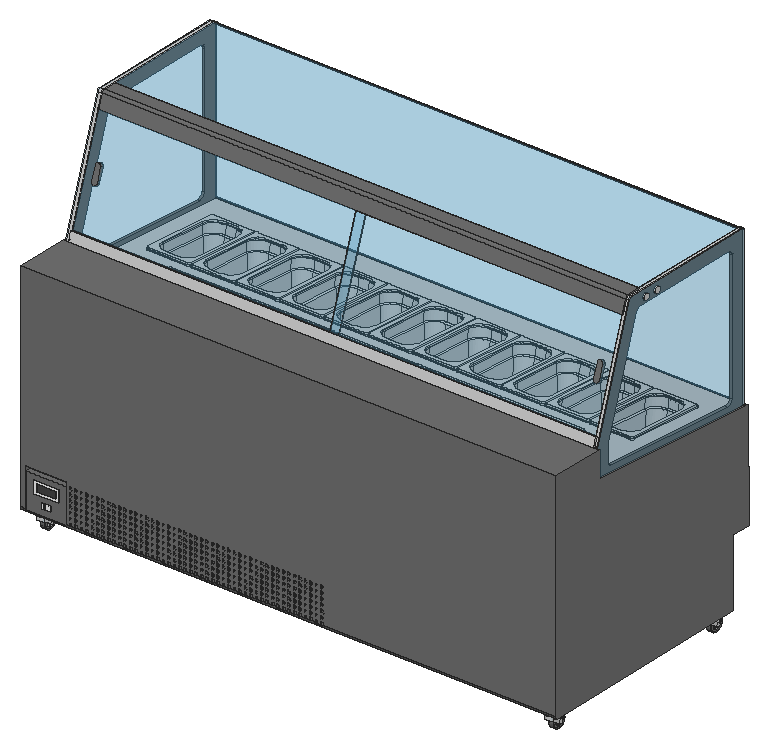
Revit family "QF_BLIZZARD_LUXE15_250923021827", category Specialty Equipment, Revit 2021 (continued)
Definition of nested family "QF_BLIZZARD_SUNDAE15_2920"
  Forms (mm)
    Extrusion 98, solid
      sketch origin (1478, -314.497, 607.195) x (1, 0, 0) y (0, 0.996764, -0.080384)
        loop
          line (262, -318) -> (262, -174)
          arc (262, -174) -> (260.243, -169.757) -> (256, -168) r 6
          line (256, -168) -> (-31, -168)
          arc (-31, -168) -> (-35.243, -169.757) -> (-37, -174) r 6
          line (-37, -174) -> (-37, -318)
        loop
          arc (-25.015, -264.5) -> (-10.957, -298.441) -> (22.985, -312.5) r 48
          line (22.985, -312.5) -> (202.015, -312.5)
          arc (202.015, -312.5) -> (235.957, -298.441) -> (250.015, -264.5) r 48
          line (250.015, -264.5) -> (250.015, -227.5)
          arc (250.015, -227.5) -> (235.957, -193.559) -> (202.015, -179.5) r 48
          line (202.015, -179.5) -> (22.985, -179.5)
          arc (22.985, -179.5) -> (-10.957, -193.559) -> (-25.015, -227.5) r 48
          line (-25.015, -227.5) -> (-25.015, -264.5)
      from 140 to 145
    Extrusion 99, solid
      sketch origin (1898, -314.898, 602.211) x (1, 0, 0) y (0, 0.996764, -0.080384)
        loop
          arc (-397.015, -202.911) -> (-414.402, -210.113) -> (-421.604, -227.5) r 24.589
          line (-421.604, -227.5) -> (-421.604, -264.5)
          arc (-421.604, -264.5) -> (-414.402, -281.887) -> (-397.015, -289.089) r 24.589
          line (-397.015, -289.089) -> (-217.8, -289.089)
          arc (-217.8, -289.089) -> (-200.544, -281.941) -> (-193.396, -264.685) r 24.404
          line (-193.396, -264.685) -> (-193.396, -227.315)
          arc (-193.396, -227.315) -> (-200.544, -210.059) -> (-217.8, -202.911) r 24.404
          line (-217.8, -202.911) -> (-397.015, -202.911)
      from 0 to 2
    Extrusion 100, solid
      sketch origin (890, -901, -7) x (0, -1, 0) y (0, 0, -1)
        loop
          line (-887, -726.403) -> (-887, -728.41) -> (-222, -782.039) -> (-222, -780.032) -> (-887, -726.403)
      from -870 to 1050
    Extrusion 101, void
      sketch origin (947.074, -878.839, 1.994) x (0, -1, 0) y (0, 0, 1)
        loop
          line (-401.082, 788.92) -> (-395.777, 723.133) -> (-390.644, 718.767) -> (-378.909, 631.092)
          arc (-378.909, 631.092) -> (-373.104, 620.491) -> (-361.686, 616.529) r 16.802
          line (-361.686, 616.529) -> (-275.788, 623.456)
          arc (-275.788, 623.456) -> (-265.152, 629.197) -> (-261.121, 640.591) r 16.802
          line (-261.121, 640.591) -> (-263.587, 729.013) -> (-259.22, 734.146) -> (-264.526, 799.932) -> (-401.082, 788.92)
      from -792.926 to 726.074
    Sweep 102, solid
      path origin (734, -390, 608.268) x (0, 0.996764, -0.080384) y (-1, 0, 0)
        loop
          line (22.985, -289.089) -> (202.015, -289.089)
          arc (202.015, -289.089) -> (219.402, -281.887) -> (226.604, -264.5) r 24.589
          line (226.604, -264.5) -> (226.604, -227.5)
          arc (226.604, -227.5) -> (219.402, -210.113) -> (202.015, -202.911) r 24.589
          line (202.015, -202.911) -> (22.985, -202.911)
          arc (22.985, -202.911) -> (5.598, -210.113) -> (-1.604, -227.5) r 24.589
          line (-1.604, -227.5) -> (-1.604, -264.5)
          arc (-1.604, -264.5) -> (5.598, -281.887) -> (22.985, -289.089) r 24.589
      profile origin (1023.089, -277.864, 599.225) x (-1, 0, 0) y (0, 0.080384, 0.996764)
        loop
          arc (0, 2) -> (-9.637, 5.845) -> (-13.981, 15.267) r 14
          line (-13.981, 15.267) -> (-18.689, 105.106) -> (-23.411, 109.828) -> (-23.411, 143) -> (-25.411, 143) -> (-25.411, 109) -> (-20.646, 104.235) -> (-15.978, 15.163)
          arc (-15.978, 15.163) -> (-11.014, 4.394) -> (0, 0) r 16
          line (0, 0) -> (0, 2)
    Extrusion 103, solid
      sketch origin (734, -389.598, 613.252) x (0, 0.996764, -0.080384) y (-1, 0, 0)
        loop
          line (-40, -174) -> (-40, -318)
          arc (-40, -318) -> (-37.364, -324.364) -> (-31, -327) r 9
          line (-31, -327) -> (256, -327)
          arc (256, -327) -> (262.364, -324.364) -> (265, -318) r 9
          line (265, -318) -> (265, -174)
          arc (265, -174) -> (262.364, -167.636) -> (256, -165) r 9
          line (256, -165) -> (-31, -165)
          arc (-31, -165) -> (-37.364, -167.636) -> (-40, -174) r 9
        loop
          arc (-25.015, -264.5) -> (-10.957, -298.441) -> (22.985, -312.5) r 48
          line (22.985, -312.5) -> (202.2, -312.5)
          arc (202.2, -312.5) -> (236.011, -298.495) -> (250.015, -264.685) r 47.815
          line (250.015, -264.685) -> (250.015, -227.5)
          arc (250.015, -227.5) -> (235.957, -193.559) -> (202.015, -179.5) r 48
          line (202.015, -179.5) -> (22.985, -179.5)
          arc (22.985, -179.5) -> (-10.957, -193.559) -> (-25.015, -227.5) r 48
          line (-25.015, -227.5) -> (-25.015, -264.5)
      from 138 to 140
    Extrusion 104, solid
      sketch origin (734, -389.598, 613.252) x (0, 0.996764, -0.080384) y (-1, 0, 0)
        loop
          arc (-37, -318) -> (-35.243, -322.243) -> (-31, -324) r 6
          line (-31, -324) -> (256, -324)
          arc (256, -324) -> (260.243, -322.243) -> (262, -318) r 6
          line (262, -318) -> (262, -174)
          arc (262, -174) -> (260.243, -169.757) -> (256, -168) r 6
          line (256, -168) -> (-31, -168)
          arc (-31, -168) -> (-35.243, -169.757) -> (-37, -174) r 6
          line (-37, -174) -> (-37, -318)
        loop
          arc (-25.015, -264.5) -> (-10.957, -298.441) -> (22.985, -312.5) r 48
          line (22.985, -312.5) -> (202.015, -312.5)
          arc (202.015, -312.5) -> (235.957, -298.441) -> (250.015, -264.5) r 48
          line (250.015, -264.5) -> (250.015, -227.5)
          arc (250.015, -227.5) -> (235.957, -193.559) -> (202.015, -179.5) r 48
          line (202.015, -179.5) -> (22.985, -179.5)
          arc (22.985, -179.5) -> (-10.957, -193.559) -> (-25.015, -227.5) r 48
          line (-25.015, -227.5) -> (-25.015, -264.5)
      from 140 to 145
    Extrusion 105, solid
      sketch origin (734, 28.641, 574.507) x (0, 0.996764, -0.080384) y (-1, 0, 0)
        loop
          arc (-397.015, -202.911) -> (-414.402, -210.113) -> (-421.604, -227.5) r 24.589
          line (-421.604, -227.5) -> (-421.604, -264.5)
          arc (-421.604, -264.5) -> (-414.402, -281.887) -> (-397.015, -289.089) r 24.589
          line (-397.015, -289.089) -> (-217.8, -289.089)
          arc (-217.8, -289.089) -> (-200.544, -281.941) -> (-193.396, -264.685) r 24.404
          line (-193.396, -264.685) -> (-193.396, -227.315)
          arc (-193.396, -227.315) -> (-200.544, -210.059) -> (-217.8, -202.911) r 24.404
          line (-217.8, -202.911) -> (-397.015, -202.911)
      from 0 to 2
    Sweep 106, solid
      path origin (572, -390, 608.268) x (0, 0.996764, -0.080384) y (-1, 0, 0)
        loop
          line (22.985, -289.089) -> (202.015, -289.089)
          arc (202.015, -289.089) -> (219.402, -281.887) -> (226.604, -264.5) r 24.589
          line (226.604, -264.5) -> (226.604, -227.5)
          arc (226.604, -227.5) -> (219.402, -210.113) -> (202.015, -202.911) r 24.589
          line (202.015, -202.911) -> (22.985, -202.911)
          arc (22.985, -202.911) -> (5.598, -210.113) -> (-1.604, -227.5) r 24.589
          line (-1.604, -227.5) -> (-1.604, -264.5)
          arc (-1.604, -264.5) -> (5.598, -281.887) -> (22.985, -289.089) r 24.589
      profile origin (861.089, -277.864, 599.225) x (-1, 0, 0) y (0, 0.080384, 0.996764)
        loop
          arc (0, 2) -> (-9.637, 5.845) -> (-13.981, 15.267) r 14
          line (-13.981, 15.267) -> (-18.689, 105.106) -> (-23.411, 109.828) -> (-23.411, 143) -> (-25.411, 143) -> (-25.411, 109) -> (-20.646, 104.235) -> (-15.978, 15.163)
          arc (-15.978, 15.163) -> (-11.014, 4.394) -> (0, 0) r 16
          line (0, 0) -> (0, 2)
    Extrusion 107, solid
      sketch origin (572, -389.598, 613.252) x (0, 0.996764, -0.080384) y (-1, 0, 0)
        loop
          line (-40, -174) -> (-40, -318)
          arc (-40, -318) -> (-37.364, -324.364) -> (-31, -327) r 9
          line (-31, -327) -> (256, -327)
          arc (256, -327) -> (262.364, -324.364) -> (265, -318) r 9
          line (265, -318) -> (265, -174)
          arc (265, -174) -> (262.364, -167.636) -> (256, -165) r 9
          line (256, -165) -> (-31, -165)
          arc (-31, -165) -> (-37.364, -167.636) -> (-40, -174) r 9
        loop
          arc (-25.015, -264.5) -> (-10.957, -298.441) -> (22.985, -312.5) r 48
          line (22.985, -312.5) -> (202.2, -312.5)
          arc (202.2, -312.5) -> (236.011, -298.495) -> (250.015, -264.685) r 47.815
          line (250.015, -264.685) -> (250.015, -227.5)
          arc (250.015, -227.5) -> (235.957, -193.559) -> (202.015, -179.5) r 48
          line (202.015, -179.5) -> (22.985, -179.5)
          arc (22.985, -179.5) -> (-10.957, -193.559) -> (-25.015, -227.5) r 48
          line (-25.015, -227.5) -> (-25.015, -264.5)
      from 138 to 140
    Extrusion 108, solid
      sketch origin (572, -389.598, 613.252) x (0, 0.996764, -0.080384) y (-1, 0, 0)
        loop
          arc (-37, -318) -> (-35.243, -322.243) -> (-31, -324) r 6
          line (-31, -324) -> (256, -324)
          arc (256, -324) -> (260.243, -322.243) -> (262, -318) r 6
          line (262, -318) -> (262, -174)
          arc (262, -174) -> (260.243, -169.757) -> (256, -168) r 6
          line (256, -168) -> (-31, -168)
          arc (-31, -168) -> (-35.243, -169.757) -> (-37, -174) r 6
          line (-37, -174) -> (-37, -318)
        loop
          arc (-25.015, -264.5) -> (-10.957, -298.441) -> (22.985, -312.5) r 48
          line (22.985, -312.5) -> (202.015, -312.5)
          arc (202.015, -312.5) -> (235.957, -298.441) -> (250.015, -264.5) r 48
          line (250.015, -264.5) -> (250.015, -227.5)
          arc (250.015, -227.5) -> (235.957, -193.559) -> (202.015, -179.5) r 48
          line (202.015, -179.5) -> (22.985, -179.5)
          arc (22.985, -179.5) -> (-10.957, -193.559) -> (-25.015, -227.5) r 48
          line (-25.015, -227.5) -> (-25.015, -264.5)
      from 140 to 145
    Extrusion 109, solid
      sketch origin (572, 28.641, 574.507) x (0, 0.996764, -0.080384) y (-1, 0, 0)
        loop
          arc (-397.015, -202.911) -> (-414.402, -210.113) -> (-421.604, -227.5) r 24.589
          line (-421.604, -227.5) -> (-421.604, -264.5)
          arc (-421.604, -264.5) -> (-414.402, -281.887) -> (-397.015, -289.089) r 24.589
          line (-397.015, -289.089) -> (-217.8, -289.089)
          arc (-217.8, -289.089) -> (-200.544, -281.941) -> (-193.396, -264.685) r 24.404
          line (-193.396, -264.685) -> (-193.396, -227.315)
          arc (-193.396, -227.315) -> (-200.544, -210.059) -> (-217.8, -202.911) r 24.404
          line (-217.8, -202.911) -> (-397.015, -202.911)
      from 0 to 2
    Extrusion 110, void
      sketch origin (1080, -880, 0) x (-1, 0, 0) y (0, 0, 1)
        loop
          line (900, 91) -> (890, 91) -> (890, 81) -> (900, 81) -> (900, 91)
        loop
          line (880, 91) -> (870, 91) -> (870, 81) -> (880, 81) -> (880, 91)
        loop
          line (860, 91) -> (850, 91) -> (850, 81) -> (860, 81) -> (860, 91)
        loop
          line (840, 91) -> (830, 91) -> (830, 81) -> (840, 81) -> (840, 91)
        loop
          line (820, 91) -> (810, 91) -> (810, 81) -> (820, 81) -> (820, 91)
        loop
          line (800, 91) -> (790, 91) -> (790, 81) -> (800, 81) -> (800, 91)
        loop
          line (780, 91) -> (770, 91) -> (770, 81) -> (780, 81) -> (780, 91)
        loop
          line (760, 91) -> (750, 91) -> (750, 81) -> (760, 81) -> (760, 91)
        loop
          line (740, 91) -> (730, 91) -> (730, 81) -> (740, 81) -> (740, 91)
        loop
          line (720, 91) -> (710, 91) -> (710, 81) -> (720, 81) -> (720, 91)
        loop
          line (700, 91) -> (690, 91) -> (690, 81) -> (700, 81) -> (700, 91)
        loop
          line (680, 91) -> (670, 91) -> (670, 81) -> (680, 81) -> (680, 91)
        loop
          line (660, 91) -> (650, 91) -> (650, 81) -> (660, 81) -> (660, 91)
        loop
          line (640, 91) -> (630, 91) -> (630, 81) -> (640, 81) -> (640, 91)
        loop
          line (620, 91) -> (610, 91) -> (610, 81) -> (620, 81) -> (620, 91)
        loop
          line (600, 91) -> (590, 91) -> (590, 81) -> (600, 81) -> (600, 91)
        loop
          line (580, 91) -> (570, 91) -> (570, 81) -> (580, 81) -> (580, 91)
        loop
          line (560, 91) -> (550, 91) -> (550, 81) -> (560, 81) -> (560, 91)
        loop
          line (540, 91) -> (530, 91) -> (530, 81) -> (540, 81) -> (540, 91)
        loop
          line (520, 91) -> (510, 91) -> (510, 81) -> (520, 81) -> (520, 91)
        loop
          line (500, 91) -> (490, 91) -> (490, 81) -> (500, 81) -> (500, 91)
        loop
          line (480, 91) -> (470, 91) -> (470, 81) -> (480, 81) -> (480, 91)
        loop
          line (460, 91) -> (450, 91) -> (450, 81) -> (460, 81) -> (460, 91)
        loop
          line (440, 91) -> (430, 91) -> (430, 81) -> (440, 81) -> (440, 91)
        loop
          line (900, 111) -> (890, 111) -> (890, 101) -> (900, 101) -> (900, 111)
        loop
          line (880, 111) -> (870, 111) -> (870, 101) -> (880, 101) -> (880, 111)
        loop
          line (860, 111) -> (850, 111) -> (850, 101) -> (860, 101) -> (860, 111)
        loop
          line (840, 111) -> (830, 111) -> (830, 101) -> (840, 101) -> (840, 111)
        loop
          line (820, 111) -> (810, 111) -> (810, 101) -> (820, 101) -> (820, 111)
        loop
          line (800, 111) -> (790, 111) -> (790, 101) -> (800, 101) -> (800, 111)
        loop
          line (780, 111) -> (770, 111) -> (770, 101) -> (780, 101) -> (780, 111)
        loop
          line (760, 111) -> (750, 111) -> (750, 101) -> (760, 101) -> (760, 111)
        loop
          line (740, 111) -> (730, 111) -> (730, 101) -> (740, 101) -> (740, 111)
        loop
          line (720, 111) -> (710, 111) -> (710, 101) -> (720, 101) -> (720, 111)
        loop
          line (700, 111) -> (690, 111) -> (690, 101) -> (700, 101) -> (700, 111)
        loop
          line (680, 111) -> (670, 111) -> (670, 101) -> (680, 101) -> (680, 111)
        loop
          line (660, 111) -> (650, 111) -> (650, 101) -> (660, 101) -> (660, 111)
        loop
          line (640, 111) -> (630, 111) -> (630, 101) -> (640, 101) -> (640, 111)
        loop
          line (620, 111) -> (610, 111) -> (610, 101) -> (620, 101) -> (620, 111)
        loop
          line (600, 111) -> (590, 111) -> (590, 101) -> (600, 101) -> (600, 111)
        loop
          line (580, 111) -> (570, 111) -> (570, 101) -> (580, 101) -> (580, 111)
        loop
          line (560, 111) -> (550, 111) -> (550, 101) -> (560, 101) -> (560, 111)
        loop
          line (540, 111) -> (530, 111) -> (530, 101) -> (540, 101) -> (540, 111)
        loop
          line (520, 111) -> (510, 111) -> (510, 101) -> (520, 101) -> (520, 111)
        loop
          line (500, 111) -> (490, 111) -> (490, 101) -> (500, 101) -> (500, 111)
        loop
          line (480, 111) -> (470, 111) -> (470, 101) -> (480, 101) -> (480, 111)
        loop
          line (460, 111) -> (450, 111) -> (450, 101) -> (460, 101) -> (460, 111)
        loop
          line (440, 111) -> (430, 111) -> (430, 101) -> (440, 101) -> (440, 111)
        loop
          line (900, 131) -> (890, 131) -> (890, 121) -> (900, 121) -> (900, 131)
        loop
          line (880, 131) -> (870, 131) -> (870, 121) -> (880, 121) -> (880, 131)
        loop
          line (860, 131) -> (850, 131) -> (850, 121) -> (860, 121) -> (860, 131)
        loop
          line (840, 131) -> (830, 131) -> (830, 121) -> (840, 121) -> (840, 131)
        loop
          line (820, 131) -> (810, 131) -> (810, 121) -> (820, 121) -> (820, 131)
        loop
          line (800, 131) -> (790, 131) -> (790, 121) -> (800, 121) -> (800, 131)
        loop
          line (780, 131) -> (770, 131) -> (770, 121) -> (780, 121) -> (780, 131)
        loop
          line (760, 131) -> (750, 131) -> (750, 121) -> (760, 121) -> (760, 131)
        loop
          line (740, 131) -> (730, 131) -> (730, 121) -> (740, 121) -> (740, 131)
        loop
          line (720, 131) -> (710, 131) -> (710, 121) -> (720, 121) -> (720, 131)
        loop
          line (700, 131) -> (690, 131) -> (690, 121) -> (700, 121) -> (700, 131)
        loop
          line (680, 131) -> (670, 131) -> (670, 121) -> (680, 121) -> (680, 131)
        loop
          line (660, 131) -> (650, 131) -> (650, 121) -> (660, 121) -> (660, 131)
        loop
          line (640, 131) -> (630, 131) -> (630, 121) -> (640, 121) -> (640, 131)
        loop
          line (620, 131) -> (610, 131) -> (610, 121) -> (620, 121) -> (620, 131)
        loop
          line (600, 131) -> (590, 131) -> (590, 121) -> (600, 121) -> (600, 131)
        loop
          line (580, 131) -> (570, 131) -> (570, 121) -> (580, 121) -> (580, 131)
        loop
          line (560, 131) -> (550, 131) -> (550, 121) -> (560, 121) -> (560, 131)
        loop
          line (540, 131) -> (530, 131) -> (530, 121) -> (540, 121) -> (540, 131)
        loop
          line (520, 131) -> (510, 131) -> (510, 121) -> (520, 121) -> (520, 131)
        loop
          line (500, 131) -> (490, 131) -> (490, 121) -> (500, 121) -> (500, 131)
        loop
          line (480, 131) -> (470, 131) -> (470, 121) -> (480, 121) -> (480, 131)
        loop
          line (460, 131) -> (450, 131) -> (450, 121) -> (460, 121) -> (460, 131)
        loop
          line (440, 131) -> (430, 131) -> (430, 121) -> (440, 121) -> (440, 131)
        loop
          line (900, 151) -> (890, 151) -> (890, 141) -> (900, 141) -> (900, 151)
        loop
          line (880, 151) -> (870, 151) -> (870, 141) -> (880, 141) -> (880, 151)
        loop
          line (860, 151) -> (850, 151) -> (850, 141) -> (860, 141) -> (860, 151)
        loop
          line (840, 151) -> (830, 151) -> (830, 141) -> (840, 141) -> (840, 151)
        loop
          line (820, 151) -> (810, 151) -> (810, 141) -> (820, 141) -> (820, 151)
        loop
          line (800, 151) -> (790, 151) -> (790, 141) -> (800, 141) -> (800, 151)
        loop
          line (780, 151) -> (770, 151) -> (770, 141) -> (780, 141) -> (780, 151)
        loop
          line (760, 151) -> (750, 151) -> (750, 141) -> (760, 141) -> (760, 151)
        loop
          line (740, 151) -> (730, 151) -> (730, 141) -> (740, 141) -> (740, 151)
        loop
          line (720, 151) -> (710, 151) -> (710, 141) -> (720, 141) -> (720, 151)
        loop
          line (700, 151) -> (690, 151) -> (690, 141) -> (700, 141) -> (700, 151)
        loop
          line (680, 151) -> (670, 151) -> (670, 141) -> (680, 141) -> (680, 151)
        loop
          line (660, 151) -> (650, 151) -> (650, 141) -> (660, 141) -> (660, 151)
        loop
          line (640, 151) -> (630, 151) -> (630, 141) -> (640, 141) -> (640, 151)
        loop
          line (620, 151) -> (610, 151) -> (610, 141) -> (620, 141) -> (620, 151)
        loop
          line (600, 151) -> (590, 151) -> (590, 141) -> (600, 141) -> (600, 151)
        loop
          line (580, 151) -> (570, 151) -> (570, 141) -> (580, 141) -> (580, 151)
        loop
          line (560, 151) -> (550, 151) -> (550, 141) -> (560, 141) -> (560, 151)
        loop
          line (540, 151) -> (530, 151) -> (530, 141) -> (540, 141) -> (540, 151)
        loop
          line (520, 151) -> (510, 151) -> (510, 141) -> (520, 141) -> (520, 151)
        loop
          line (500, 151) -> (490, 151) -> (490, 141) -> (500, 141) -> (500, 151)
        loop
          line (480, 151) -> (470, 151) -> (470, 141) -> (480, 141) -> (480, 151)
        loop
          line (460, 151) -> (450, 151) -> (450, 141) -> (460, 141) -> (460, 151)
        loop
          line (440, 151) -> (430, 151) -> (430, 141) -> (440, 141) -> (440, 151)
        loop
          line (900, 171) -> (890, 171) -> (890, 161) -> (900, 161) -> (900, 171)
        loop
          line (880, 171) -> (870, 171) -> (870, 161) -> (880, 161) -> (880, 171)
        loop
          line (860, 171) -> (850, 171) -> (850, 161) -> (860, 161) -> (860, 171)
        loop
          line (840, 171) -> (830, 171) -> (830, 161) -> (840, 161) -> (840, 171)
        loop
          line (820, 171) -> (810, 171) -> (810, 161) -> (820, 161) -> (820, 171)
        loop
          line (800, 171) -> (790, 171) -> (790, 161) -> (800, 161) -> (800, 171)
        loop
          line (780, 171) -> (770, 171) -> (770, 161) -> (780, 161) -> (780, 171)
        loop
          line (760, 171) -> (750, 171) -> (750, 161) -> (760, 161) -> (760, 171)
        loop
          line (740, 171) -> (730, 171) -> (730, 161) -> (740, 161) -> (740, 171)
        loop
          line (720, 171) -> (710, 171) -> (710, 161) -> (720, 161) -> (720, 171)
        loop
          line (700, 171) -> (690, 171) -> (690, 161) -> (700, 161) -> (700, 171)
        loop
          line (680, 171) -> (670, 171) -> (670, 161) -> (680, 161) -> (680, 171)
        loop
          line (660, 171) -> (650, 171) -> (650, 161) -> (660, 161) -> (660, 171)
        loop
          line (640, 171) -> (630, 171) -> (630, 161) -> (640, 161) -> (640, 171)
        loop
          line (620, 171) -> (610, 171) -> (610, 161) -> (620, 161) -> (620, 171)
        loop
          line (600, 171) -> (590, 171) -> (590, 161) -> (600, 161) -> (600, 171)
        loop
          line (580, 171) -> (570, 171) -> (570, 161) -> (580, 161) -> (580, 171)
        loop
          line (560, 171) -> (550, 171) -> (550, 161) -> (560, 161) -> (560, 171)
        loop
          line (540, 171) -> (530, 171) -> (530, 161) -> (540, 161) -> (540, 171)
        loop
          line (520, 171) -> (510, 171) -> (510, 161) -> (520, 161) -> (520, 171)
        loop
          line (500, 171) -> (490, 171) -> (490, 161) -> (500, 161) -> (500, 171)
        loop
          line (480, 171) -> (470, 171) -> (470, 161) -> (480, 161) -> (480, 171)
        loop
          line (460, 171) -> (450, 171) -> (450, 161) -> (460, 161) -> (460, 171)
        loop
          line (440, 171) -> (430, 171) -> (430, 161) -> (440, 161) -> (440, 171)
        loop
          line (900, 191) -> (890, 191) -> (890, 181) -> (900, 181) -> (900, 191)
        loop
          line (880, 191) -> (870, 191) -> (870, 181) -> (880, 181) -> (880, 191)
        loop
          line (860, 191) -> (850, 191) -> (850, 181) -> (860, 181) -> (860, 191)
        loop
          line (840, 191) -> (830, 191) -> (830, 181) -> (840, 181) -> (840, 191)
        loop
          line (820, 191) -> (810, 191) -> (810, 181) -> (820, 181) -> (820, 191)
        loop
          line (800, 191) -> (790, 191) -> (790, 181) -> (800, 181) -> (800, 191)
        loop
          line (780, 191) -> (770, 191) -> (770, 181) -> (780, 181) -> (780, 191)
        loop
          line (760, 191) -> (750, 191) -> (750, 181) -> (760, 181) -> (760, 191)
        loop
          line (740, 191) -> (730, 191) -> (730, 181) -> (740, 181) -> (740, 191)
        loop
          line (720, 191) -> (710, 191) -> (710, 181) -> (720, 181) -> (720, 191)
        loop
          line (700, 191) -> (690, 191) -> (690, 181) -> (700, 181) -> (700, 191)
        loop
          line (680, 191) -> (670, 191) -> (670, 181) -> (680, 181) -> (680, 191)
        loop
          line (660, 191) -> (650, 191) -> (650, 181) -> (660, 181) -> (660, 191)
        loop
          line (640, 191) -> (630, 191) -> (630, 181) -> (640, 181) -> (640, 191)
        loop
          line (620, 191) -> (610, 191) -> (610, 181) -> (620, 181) -> (620, 191)
        loop
          line (600, 191) -> (590, 191) -> (590, 181) -> (600, 181) -> (600, 191)
        loop
          line (580, 191) -> (570, 191) -> (570, 181) -> (580, 181) -> (580, 191)
        loop
          line (560, 191) -> (550, 191) -> (550, 181) -> (560, 181) -> (560, 191)
        loop
          line (540, 191) -> (530, 191) -> (530, 181) -> (540, 181) -> (540, 191)
        loop
          line (520, 191) -> (510, 191) -> (510, 181) -> (520, 181) -> (520, 191)
        loop
          line (500, 191) -> (490, 191) -> (490, 181) -> (500, 181) -> (500, 191)
        loop
          line (480, 191) -> (470, 191) -> (470, 181) -> (480, 181) -> (480, 191)
        loop
          line (460, 191) -> (450, 191) -> (450, 181) -> (460, 181) -> (460, 191)
        loop
          line (440, 191) -> (430, 191) -> (430, 181) -> (440, 181) -> (440, 191)
        loop
          line (900, 211) -> (890, 211) -> (890, 201) -> (900, 201) -> (900, 211)
        loop
          line (880, 211) -> (870, 211) -> (870, 201) -> (880, 201) -> (880, 211)
        loop
          line (860, 211) -> (850, 211) -> (850, 201) -> (860, 201) -> (860, 211)
        loop
          line (840, 211) -> (830, 211) -> (830, 201) -> (840, 201) -> (840, 211)
        loop
          line (820, 211) -> (810, 211) -> (810, 201) -> (820, 201) -> (820, 211)
        loop
          line (800, 211) -> (790, 211) -> (790, 201) -> (800, 201) -> (800, 211)
        loop
          line (780, 211) -> (770, 211) -> (770, 201) -> (780, 201) -> (780, 211)
        loop
          line (760, 211) -> (750, 211) -> (750, 201) -> (760, 201) -> (760, 211)
        loop
          line (740, 211) -> (730, 211) -> (730, 201) -> (740, 201) -> (740, 211)
        loop
          line (720, 211) -> (710, 211) -> (710, 201) -> (720, 201) -> (720, 211)
        loop
          line (700, 211) -> (690, 211) -> (690, 201) -> (700, 201) -> (700, 211)
        loop
          line (680, 211) -> (670, 211) -> (670, 201) -> (680, 201) -> (680, 211)
        loop
          line (660, 211) -> (650, 211) -> (650, 201) -> (660, 201) -> (660, 211)
        loop
          line (640, 211) -> (630, 211) -> (630, 201) -> (640, 201) -> (640, 211)
        loop
          line (620, 211) -> (610, 211) -> (610, 201) -> (620, 201) -> (620, 211)
        loop
          line (600, 211) -> (590, 211) -> (590, 201) -> (600, 201) -> (600, 211)
        loop
          line (580, 211) -> (570, 211) -> (570, 201) -> (580, 201) -> (580, 211)
        loop
          line (560, 211) -> (550, 211) -> (550, 201) -> (560, 201) -> (560, 211)
        loop
          line (540, 211) -> (530, 211) -> (530, 201) -> (540, 201) -> (540, 211)
        loop
          line (520, 211) -> (510, 211) -> (510, 201) -> (520, 201) -> (520, 211)
        loop
          line (500, 211) -> (490, 211) -> (490, 201) -> (500, 201) -> (500, 211)
        loop
          line (480, 211) -> (470, 211) -> (470, 201) -> (480, 201) -> (480, 211)
        loop
          line (460, 211) -> (450, 211) -> (450, 201) -> (460, 201) -> (460, 211)
        loop
          line (440, 211) -> (430, 211) -> (430, 201) -> (440, 201) -> (440, 211)
        loop
          line (420, 91) -> (410, 91) -> (410, 81) -> (420, 81) -> (420, 91)
        loop
          line (400, 91) -> (390, 91) -> (390, 81) -> (400, 81) -> (400, 91)
        loop
          line (380, 91) -> (370, 91) -> (370, 81) -> (380, 81) -> (380, 91)
        loop
          line (360, 91) -> (350, 91) -> (350, 81) -> (360, 81) -> (360, 91)
        loop
          line (340, 91) -> (330, 91) -> (330, 81) -> (340, 81) -> (340, 91)
        loop
          line (320, 91) -> (310, 91) -> (310, 81) -> (320, 81) -> (320, 91)
        loop
          line (300, 91) -> (290, 91) -> (290, 81) -> (300, 81) -> (300, 91)
        loop
          line (280, 91) -> (270, 91) -> (270, 81) -> (280, 81) -> (280, 91)
        loop
          line (260, 91) -> (250, 91) -> (250, 81) -> (260, 81) -> (260, 91)
        loop
          line (240, 91) -> (230, 91) -> (230, 81) -> (240, 81) -> (240, 91)
        loop
          line (220, 91) -> (210, 91) -> (210, 81) -> (220, 81) -> (220, 91)
        loop
          line (200, 91) -> (190, 91) -> (190, 81) -> (200, 81) -> (200, 91)
        loop
          line (180, 91) -> (170, 91) -> (170, 81) -> (180, 81) -> (180, 91)
        loop
          line (160, 91) -> (150, 91) -> (150, 81) -> (160, 81) -> (160, 91)
        loop
          line (140, 91) -> (130, 91) -> (130, 81) -> (140, 81) -> (140, 91)
        loop
          line (120, 91) -> (110, 91) -> (110, 81) -> (120, 81) -> (120, 91)
        loop
          line (100, 91) -> (90, 91) -> (90, 81) -> (100, 81) -> (100, 91)
        loop
          line (80, 91) -> (70, 91) -> (70, 81) -> (80, 81) -> (80, 91)
        loop
          line (60, 91) -> (50, 91) -> (50, 81) -> (60, 81) -> (60, 91)
        loop
          line (40, 91) -> (30, 91) -> (30, 81) -> (40, 81) -> (40, 91)
        loop
          line (20, 91) -> (10, 91) -> (10, 81) -> (20, 81) -> (20, 91)
        loop
          line (0, 91) -> (-10, 91) -> (-10, 81) -> (0, 81) -> (0, 91)
        loop
          line (-20, 91) -> (-30, 91) -> (-30, 81) -> (-20, 81) -> (-20, 91)
        loop
          line (420, 111) -> (410, 111) -> (410, 101) -> (420, 101) -> (420, 111)
        loop
          line (400, 111) -> (390, 111) -> (390, 101) -> (400, 101) -> (400, 111)
        loop
          line (380, 111) -> (370, 111) -> (370, 101) -> (380, 101) -> (380, 111)
        loop
          line (360, 111) -> (350, 111) -> (350, 101) -> (360, 101) -> (360, 111)
        loop
          line (340, 111) -> (330, 111) -> (330, 101) -> (340, 101) -> (340, 111)
        loop
          line (320, 111) -> (310, 111) -> (310, 101) -> (320, 101) -> (320, 111)
        loop
          line (300, 111) -> (290, 111) -> (290, 101) -> (300, 101) -> (300, 111)
        loop
          line (280, 111) -> (270, 111) -> (270, 101) -> (280, 101) -> (280, 111)
        loop
          line (260, 111) -> (250, 111) -> (250, 101) -> (260, 101) -> (260, 111)
        loop
          line (240, 111) -> (230, 111) -> (230, 101) -> (240, 101) -> (240, 111)
        loop
          line (220, 111) -> (210, 111) -> (210, 101) -> (220, 101) -> (220, 111)
        loop
          line (200, 111) -> (190, 111) -> (190, 101) -> (200, 101) -> (200, 111)
        loop
          line (180, 111) -> (170, 111) -> (170, 101) -> (180, 101) -> (180, 111)
        loop
          line (160, 111) -> (150, 111) -> (150, 101) -> (160, 101) -> (160, 111)
        loop
          line (140, 111) -> (130, 111) -> (130, 101) -> (140, 101) -> (140, 111)
        loop
          line (120, 111) -> (110, 111) -> (110, 101) -> (120, 101) -> (120, 111)
        loop
          line (100, 111) -> (90, 111) -> (90, 101) -> (100, 101) -> (100, 111)
        loop
          line (80, 111) -> (70, 111) -> (70, 101) -> (80, 101) -> (80, 111)
        loop
          line (60, 111) -> (50, 111) -> (50, 101) -> (60, 101) -> (60, 111)
        loop
          line (40, 111) -> (30, 111) -> (30, 101) -> (40, 101) -> (40, 111)
        loop
          line (20, 111) -> (10, 111) -> (10, 101) -> (20, 101) -> (20, 111)
        loop
          line (0, 111) -> (-10, 111) -> (-10, 101) -> (0, 101) -> (0, 111)
        loop
          line (-20, 111) -> (-30, 111) -> (-30, 101) -> (-20, 101) -> (-20, 111)
        loop
          line (420, 131) -> (410, 131) -> (410, 121) -> (420, 121) -> (420, 131)
        loop
          line (400, 131) -> (390, 131) -> (390, 121) -> (400, 121) -> (400, 131)
        loop
          line (380, 131) -> (370, 131) -> (370, 121) -> (380, 121) -> (380, 131)
        loop
          line (360, 131) -> (350, 131) -> (350, 121) -> (360, 121) -> (360, 131)
        loop
          line (340, 131) -> (330, 131) -> (330, 121) -> (340, 121) -> (340, 131)
        loop
          line (320, 131) -> (310, 131) -> (310, 121) -> (320, 121) -> (320, 131)
        loop
          line (300, 131) -> (290, 131) -> (290, 121) -> (300, 121) -> (300, 131)
        loop
          line (280, 131) -> (270, 131) -> (270, 121) -> (280, 121) -> (280, 131)
        loop
          line (260, 131) -> (250, 131) -> (250, 121) -> (260, 121) -> (260, 131)
        loop
          line (240, 131) -> (230, 131) -> (230, 121) -> (240, 121) -> (240, 131)
        loop
          line (220, 131) -> (210, 131) -> (210, 121) -> (220, 121) -> (220, 131)
        loop
          line (200, 131) -> (190, 131) -> (190, 121) -> (200, 121) -> (200, 131)
        loop
          line (180, 131) -> (170, 131) -> (170, 121) -> (180, 121) -> (180, 131)
        loop
          line (160, 131) -> (150, 131) -> (150, 121) -> (160, 121) -> (160, 131)
        loop
          line (140, 131) -> (130, 131) -> (130, 121) -> (140, 121) -> (140, 131)
        loop
          line (120, 131) -> (110, 131) -> (110, 121) -> (120, 121) -> (120, 131)
        loop
          line (100, 131) -> (90, 131) -> (90, 121) -> (100, 121) -> (100, 131)
        loop
          line (80, 131) -> (70, 131) -> (70, 121) -> (80, 121) -> (80, 131)
        loop
          line (60, 131) -> (50, 131) -> (50, 121) -> (60, 121) -> (60, 131)
        loop
          line (40, 131) -> (30, 131) -> (30, 121) -> (40, 121) -> (40, 131)
        loop
          line (20, 131) -> (10, 131) -> (10, 121) -> (20, 121) -> (20, 131)
        loop
          line (0, 131) -> (-10, 131) -> (-10, 121) -> (0, 121) -> (0, 131)
        loop
          line (-20, 131) -> (-30, 131) -> (-30, 121) -> (-20, 121) -> (-20, 131)
        loop
          line (420, 151) -> (410, 151) -> (410, 141) -> (420, 141) -> (420, 151)
        loop
          line (400, 151) -> (390, 151) -> (390, 141) -> (400, 141) -> (400, 151)
        loop
          line (380, 151) -> (370, 151) -> (370, 141) -> (380, 141) -> (380, 151)
        loop
          line (360, 151) -> (350, 151) -> (350, 141) -> (360, 141) -> (360, 151)
        loop
          line (340, 151) -> (330, 151) -> (330, 141) -> (340, 141) -> (340, 151)
        loop
          line (320, 151) -> (310, 151) -> (310, 141) -> (320, 141) -> (320, 151)
        loop
          line (300, 151) -> (290, 151) -> (290, 141) -> (300, 141) -> (300, 151)
        loop
          line (280, 151) -> (270, 151) -> (270, 141) -> (280, 141) -> (280, 151)
        loop
          line (260, 151) -> (250, 151) -> (250, 141) -> (260, 141) -> (260, 151)
        loop
          line (240, 151) -> (230, 151) -> (230, 141) -> (240, 141) -> (240, 151)
        loop
          line (220, 151) -> (210, 151) -> (210, 141) -> (220, 141) -> (220, 151)
        loop
          line (200, 151) -> (190, 151) -> (190, 141) -> (200, 141) -> (200, 151)
        loop
          line (180, 151) -> (170, 151) -> (170, 141) -> (180, 141) -> (180, 151)
        loop
          line (160, 151) -> (150, 151) -> (150, 141) -> (160, 141) -> (160, 151)
        loop
          line (140, 151) -> (130, 151) -> (130, 141) -> (140, 141) -> (140, 151)
        loop
          line (120, 151) -> (110, 151) -> (110, 141) -> (120, 141) -> (120, 151)
        loop
          line (100, 151) -> (90, 151) -> (90, 141) -> (100, 141) -> (100, 151)
        loop
          line (80, 151) -> (70, 151) -> (70, 141) -> (80, 141) -> (80, 151)
        loop
          line (60, 151) -> (50, 151) -> (50, 141) -> (60, 141) -> (60, 151)
        loop
          line (40, 151) -> (30, 151) -> (30, 141) -> (40, 141) -> (40, 151)
        loop
          line (20, 151) -> (10, 151) -> (10, 141) -> (20, 141) -> (20, 151)
        loop
          line (0, 151) -> (-10, 151) -> (-10, 141) -> (0, 141) -> (0, 151)
        loop
          line (-20, 151) -> (-30, 151) -> (-30, 141) -> (-20, 141) -> (-20, 151)
        loop
          line (420, 171) -> (410, 171) -> (410, 161) -> (420, 161) -> (420, 171)
        loop
          line (400, 171) -> (390, 171) -> (390, 161) -> (400, 161) -> (400, 171)
        loop
          line (380, 171) -> (370, 171) -> (370, 161) -> (380, 161) -> (380, 171)
        loop
          line (360, 171) -> (350, 171) -> (350, 161) -> (360, 161) -> (360, 171)
        loop
          line (340, 171) -> (330, 171) -> (330, 161) -> (340, 161) -> (340, 171)
        loop
          line (320, 171) -> (310, 171) -> (310, 161) -> (320, 161) -> (320, 171)
        loop
          line (300, 171) -> (290, 171) -> (290, 161) -> (300, 161) -> (300, 171)
        loop
          line (280, 171) -> (270, 171) -> (270, 161) -> (280, 161) -> (280, 171)
        loop
          line (260, 171) -> (250, 171) -> (250, 161) -> (260, 161) -> (260, 171)
        loop
          line (240, 171) -> (230, 171) -> (230, 161) -> (240, 161) -> (240, 171)
        loop
          line (220, 171) -> (210, 171) -> (210, 161) -> (220, 161) -> (220, 171)
        loop
          line (200, 171) -> (190, 171) -> (190, 161) -> (200, 161) -> (200, 171)
        loop
          line (180, 171) -> (170, 171) -> (170, 161) -> (180, 161) -> (180, 171)
        loop
          line (160, 171) -> (150, 171) -> (150, 161) -> (160, 161) -> (160, 171)
        loop
          line (140, 171) -> (130, 171) -> (130, 161) -> (140, 161) -> (140, 171)
        loop
          line (120, 171) -> (110, 171) -> (110, 161) -> (120, 161) -> (120, 171)
        loop
          line (100, 171) -> (90, 171) -> (90, 161) -> (100, 161) -> (100, 171)
        loop
          line (80, 171) -> (70, 171) -> (70, 161) -> (80, 161) -> (80, 171)
        loop
          line (60, 171) -> (50, 171) -> (50, 161) -> (60, 161) -> (60, 171)
        loop
          line (40, 171) -> (30, 171) -> (30, 161) -> (40, 161) -> (40, 171)
        loop
          line (20, 171) -> (10, 171) -> (10, 161) -> (20, 161) -> (20, 171)
        loop
          line (0, 171) -> (-10, 171) -> (-10, 161) -> (0, 161) -> (0, 171)
        loop
          line (-20, 171) -> (-30, 171) -> (-30, 161) -> (-20, 161) -> (-20, 171)
        loop
          line (420, 191) -> (410, 191) -> (410, 181) -> (420, 181) -> (420, 191)
        loop
          line (400, 191) -> (390, 191) -> (390, 181) -> (400, 181) -> (400, 191)
        loop
          line (380, 191) -> (370, 191) -> (370, 181) -> (380, 181) -> (380, 191)
        loop
          line (360, 191) -> (350, 191) -> (350, 181) -> (360, 181) -> (360, 191)
        loop
          line (340, 191) -> (330, 191) -> (330, 181) -> (340, 181) -> (340, 191)
        loop
          line (320, 191) -> (310, 191) -> (310, 181) -> (320, 181) -> (320, 191)
        loop
          line (300, 191) -> (290, 191) -> (290, 181) -> (300, 181) -> (300, 191)
        loop
          line (280, 191) -> (270, 191) -> (270, 181) -> (280, 181) -> (280, 191)
        loop
          line (260, 191) -> (250, 191) -> (250, 181) -> (260, 181) -> (260, 191)
        loop
          line (240, 191) -> (230, 191) -> (230, 181) -> (240, 181) -> (240, 191)
        loop
          line (220, 191) -> (210, 191) -> (210, 181) -> (220, 181) -> (220, 191)
        loop
          line (200, 191) -> (190, 191) -> (190, 181) -> (200, 181) -> (200, 191)
        loop
          line (180, 191) -> (170, 191) -> (170, 181) -> (180, 181) -> (180, 191)
        loop
          line (160, 191) -> (150, 191) -> (150, 181) -> (160, 181) -> (160, 191)
        loop
          line (140, 191) -> (130, 191) -> (130, 181) -> (140, 181) -> (140, 191)
        loop
          line (120, 191) -> (110, 191) -> (110, 181) -> (120, 181) -> (120, 191)
        loop
          line (100, 191) -> (90, 191) -> (90, 181) -> (100, 181) -> (100, 191)
        loop
          line (80, 191) -> (70, 191) -> (70, 181) -> (80, 181) -> (80, 191)
        loop
          line (60, 191) -> (50, 191) -> (50, 181) -> (60, 181) -> (60, 191)
        loop
          line (40, 191) -> (30, 191) -> (30, 181) -> (40, 181) -> (40, 191)
        loop
          line (20, 191) -> (10, 191) -> (10, 181) -> (20, 181) -> (20, 191)
        loop
          line (0, 191) -> (-10, 191) -> (-10, 181) -> (0, 181) -> (0, 191)
        loop
          line (-20, 191) -> (-30, 191) -> (-30, 181) -> (-20, 181) -> (-20, 191)
        loop
          line (420, 211) -> (410, 211) -> (410, 201) -> (420, 201) -> (420, 211)
        loop
          line (400, 211) -> (390, 211) -> (390, 201) -> (400, 201) -> (400, 211)
        loop
          line (380, 211) -> (370, 211) -> (370, 201) -> (380, 201) -> (380, 211)
        loop
          line (360, 211) -> (350, 211) -> (350, 201) -> (360, 201) -> (360, 211)
        loop
          line (340, 211) -> (330, 211) -> (330, 201) -> (340, 201) -> (340, 211)
        loop
          line (320, 211) -> (310, 211) -> (310, 201) -> (320, 201) -> (320, 211)
        loop
          line (300, 211) -> (290, 211) -> (290, 201) -> (300, 201) -> (300, 211)
        loop
          line (280, 211) -> (270, 211) -> (270, 201) -> (280, 201) -> (280, 211)
        loop
          line (260, 211) -> (250, 211) -> (250, 201) -> (260, 201) -> (260, 211)
        loop
          line (240, 211) -> (230, 211) -> (230, 201) -> (240, 201) -> (240, 211)
        loop
          line (220, 211) -> (210, 211) -> (210, 201) -> (220, 201) -> (220, 211)
        loop
          line (200, 211) -> (190, 211) -> (190, 201) -> (200, 201) -> (200, 211)
        loop
          line (180, 211) -> (170, 211) -> (170, 201) -> (180, 201) -> (180, 211)
        loop
          line (160, 211) -> (150, 211) -> (150, 201) -> (160, 201) -> (160, 211)
        loop
          line (140, 211) -> (130, 211) -> (130, 201) -> (140, 201) -> (140, 211)
        loop
          line (120, 211) -> (110, 211) -> (110, 201) -> (120, 201) -> (120, 211)
        loop
          line (100, 211) -> (90, 211) -> (90, 201) -> (100, 201) -> (100, 211)
        loop
          line (80, 211) -> (70, 211) -> (70, 201) -> (80, 201) -> (80, 211)
        loop
          line (60, 211) -> (50, 211) -> (50, 201) -> (60, 201) -> (60, 211)
        loop
          line (40, 211) -> (30, 211) -> (30, 201) -> (40, 201) -> (40, 211)
        loop
          line (20, 211) -> (10, 211) -> (10, 201) -> (20, 201) -> (20, 211)
        loop
          line (0, 211) -> (-10, 211) -> (-10, 201) -> (0, 201) -> (0, 211)
        loop
          line (-20, 211) -> (-30, 211) -> (-30, 201) -> (-20, 201) -> (-20, 211)
      from 0 to 2
    Extrusion 111, void
      sketch origin (910, -879, 0) x (0, -1, 0) y (0, 0, 1)
        loop
          line (1, 71) -> (1, 221) -> (-19, 221) -> (-19, 206) -> (-1, 206) -> (-1, 71) -> (1, 71)
      from 740 to 890
    Extrusion 112, solid
      sketch origin (910, -878.5, 0) x (-1, 0, 0) y (0, 0, 1)
        loop
          line (860, 186) -> (770, 186) -> (770, 141) -> (860, 141) -> (860, 186)
        loop
          line (780, 151) -> (850, 151) -> (850, 176) -> (780, 176) -> (780, 151)
      from 0 to 2
    Extrusion 113, solid
      sketch origin (910, -878.5, -2) x (-1, 0, 0) y (0, 0, 1)
        loop
          line (850, 178) -> (780, 178) -> (780, 153) -> (850, 153) -> (850, 178)
      from 0 to 2
    Extrusion 114, solid
      sketch origin (910, -878.5, -45) x (-1, 0, 0) y (0, 0, 1)
        loop
          line (830, 166) -> (800, 166) -> (800, 146) -> (830, 146) -> (830, 166)
      from 0 to 2
    Extrusion 115, solid
      sketch origin (910, -879, -49.5) x (-1, 0, 0) y (0, 0, 1)
        loop
          line (825, 168) -> (820, 168) -> (820, 163) -> (825, 163) -> (825, 168)
      from 0 to 2
    Extrusion 116, solid
      sketch origin (910, -879, -59.5) x (-1, 0, 0) y (0, 0, 1)
        loop
          line (825, 168) -> (820, 168) -> (820, 163) -> (825, 163) -> (825, 168)
      from 0 to 2
    Sweep 117, solid
      path origin (868, -314.898, 602.211) x (1, 0, 0) y (0, 0.996764, -0.080384)
        loop
          line (22.985, -289.089) -> (202.015, -289.089)
          arc (202.015, -289.089) -> (219.402, -281.887) -> (226.604, -264.5) r 24.589
          line (226.604, -264.5) -> (226.604, -227.5)
          arc (226.604, -227.5) -> (219.402, -210.113) -> (202.015, -202.911) r 24.589
          line (202.015, -202.911) -> (22.985, -202.911)
          arc (22.985, -202.911) -> (5.598, -210.113) -> (-1.604, -227.5) r 24.589
          line (-1.604, -227.5) -> (-1.604, -264.5)
          arc (-1.604, -264.5) -> (5.598, -281.887) -> (22.985, -289.089) r 24.589
      profile origin (980.5, -603.051, 625.45) x (0, 0.996764, -0.080384) y (0, 0.080384, 0.996764)
        loop
          arc (0, 2) -> (-9.637, 5.845) -> (-13.981, 15.267) r 14
          line (-13.981, 15.267) -> (-18.689, 105.106) -> (-23.411, 109.828) -> (-23.411, 143) -> (-25.411, 143) -> (-25.411, 109) -> (-20.646, 104.235) -> (-15.978, 15.163)
          arc (-15.978, 15.163) -> (-11.014, 4.394) -> (0, 0) r 16
          line (0, 0) -> (0, 2)
    Extrusion 118, solid
      sketch origin (1288, -314.898, 602.211) x (1, 0, 0) y (0, 0.996764, -0.080384)
        loop
          arc (-397.015, -202.911) -> (-414.402, -210.113) -> (-421.604, -227.5) r 24.589
          line (-421.604, -227.5) -> (-421.604, -264.5)
          arc (-421.604, -264.5) -> (-414.402, -281.887) -> (-397.015, -289.089) r 24.589
          line (-397.015, -289.089) -> (-217.8, -289.089)
          arc (-217.8, -289.089) -> (-200.544, -281.941) -> (-193.396, -264.685) r 24.404
          line (-193.396, -264.685) -> (-193.396, -227.315)
          arc (-193.396, -227.315) -> (-200.544, -210.059) -> (-217.8, -202.911) r 24.404
          line (-217.8, -202.911) -> (-397.015, -202.911)
      from 0 to 2
    Sweep 119, solid
      path origin (563, -314.898, 602.211) x (1, 0, 0) y (0, 0.996764, -0.080384)
        loop
          line (22.985, -289.089) -> (202.015, -289.089)
          arc (202.015, -289.089) -> (219.402, -281.887) -> (226.604, -264.5) r 24.589
          line (226.604, -264.5) -> (226.604, -227.5)
          arc (226.604, -227.5) -> (219.402, -210.113) -> (202.015, -202.911) r 24.589
          line (202.015, -202.911) -> (22.985, -202.911)
          arc (22.985, -202.911) -> (5.598, -210.113) -> (-1.604, -227.5) r 24.589
          line (-1.604, -227.5) -> (-1.604, -264.5)
          arc (-1.604, -264.5) -> (5.598, -281.887) -> (22.985, -289.089) r 24.589
      profile origin (675.5, -603.051, 625.45) x (0, 0.996764, -0.080384) y (0, 0.080384, 0.996764)
        loop
          arc (0, 2) -> (-9.637, 5.845) -> (-13.981, 15.267) r 14
          line (-13.981, 15.267) -> (-18.689, 105.106) -> (-23.411, 109.828) -> (-23.411, 143) -> (-25.411, 143) -> (-25.411, 109) -> (-20.646, 104.235) -> (-15.978, 15.163)
          arc (-15.978, 15.163) -> (-11.014, 4.394) -> (0, 0) r 16
          line (0, 0) -> (0, 2)
    Extrusion 120, solid
      sketch origin (983, -314.898, 602.211) x (1, 0, 0) y (0, 0.996764, -0.080384)
        loop
          arc (-397.015, -202.911) -> (-414.402, -210.113) -> (-421.604, -227.5) r 24.589
          line (-421.604, -227.5) -> (-421.604, -264.5)
          arc (-421.604, -264.5) -> (-414.402, -281.887) -> (-397.015, -289.089) r 24.589
          line (-397.015, -289.089) -> (-217.8, -289.089)
          arc (-217.8, -289.089) -> (-200.544, -281.941) -> (-193.396, -264.685) r 24.404
          line (-193.396, -264.685) -> (-193.396, -227.315)
          arc (-193.396, -227.315) -> (-200.544, -210.059) -> (-217.8, -202.911) r 24.404
          line (-217.8, -202.911) -> (-397.015, -202.911)
      from 0 to 2
    Extrusion 121, solid
      sketch origin (868, -314.497, 607.195) x (1, 0, 0) y (0, 0.996764, -0.080384)
        loop
          line (-40, -174) -> (-40, -318)
          arc (-40, -318) -> (-37.364, -324.364) -> (-31, -327) r 9
          line (-31, -327) -> (256, -327)
          arc (256, -327) -> (262.364, -324.364) -> (265, -318) r 9
          line (265, -318) -> (265, -174)
          arc (265, -174) -> (262.364, -167.636) -> (256, -165) r 9
          line (256, -165) -> (-31, -165)
          arc (-31, -165) -> (-37.364, -167.636) -> (-40, -174) r 9
        loop
          arc (-25.015, -264.5) -> (-10.957, -298.441) -> (22.985, -312.5) r 48
          line (22.985, -312.5) -> (202.2, -312.5)
          arc (202.2, -312.5) -> (236.011, -298.495) -> (250.015, -264.685) r 47.815
          line (250.015, -264.685) -> (250.015, -227.5)
          arc (250.015, -227.5) -> (235.957, -193.559) -> (202.015, -179.5) r 48
          line (202.015, -179.5) -> (22.985, -179.5)
          arc (22.985, -179.5) -> (-10.957, -193.559) -> (-25.015, -227.5) r 48
          line (-25.015, -227.5) -> (-25.015, -264.5)
      from 138 to 140
    Extrusion 122, solid
      sketch origin (868, -314.497, 607.195) x (1, 0, 0) y (0, 0.996764, -0.080384)
        loop
          arc (-37, -318) -> (-35.243, -322.243) -> (-31, -324) r 6
          line (-31, -324) -> (256, -324)
          arc (256, -324) -> (260.243, -322.243) -> (262, -318) r 6
          line (262, -318) -> (262, -174)
          arc (262, -174) -> (260.243, -169.757) -> (256, -168) r 6
          line (256, -168) -> (-31, -168)
          arc (-31, -168) -> (-35.243, -169.757) -> (-37, -174) r 6
          line (-37, -174) -> (-37, -318)
        loop
          arc (-25.015, -264.5) -> (-10.957, -298.441) -> (22.985, -312.5) r 48
          line (22.985, -312.5) -> (202.015, -312.5)
          arc (202.015, -312.5) -> (235.957, -298.441) -> (250.015, -264.5) r 48
          line (250.015, -264.5) -> (250.015, -227.5)
          arc (250.015, -227.5) -> (235.957, -193.559) -> (202.015, -179.5) r 48
          line (202.015, -179.5) -> (22.985, -179.5)
          arc (22.985, -179.5) -> (-10.957, -193.559) -> (-25.015, -227.5) r 48
          line (-25.015, -227.5) -> (-25.015, -264.5)
      from 140 to 145
    Extrusion 123, solid
      sketch origin (563, -314.497, 607.195) x (1, 0, 0) y (0, 0.996764, -0.080384)
        loop
          line (-40, -174) -> (-40, -318)
          arc (-40, -318) -> (-37.364, -324.364) -> (-31, -327) r 9
          line (-31, -327) -> (256, -327)
          arc (256, -327) -> (262.364, -324.364) -> (265, -318) r 9
          line (265, -318) -> (265, -174)
          arc (265, -174) -> (262.364, -167.636) -> (256, -165) r 9
          line (256, -165) -> (-31, -165)
          arc (-31, -165) -> (-37.364, -167.636) -> (-40, -174) r 9
        loop
          arc (-25.015, -264.5) -> (-10.957, -298.441) -> (22.985, -312.5) r 48
          line (22.985, -312.5) -> (202.2, -312.5)
          arc (202.2, -312.5) -> (236.011, -298.495) -> (250.015, -264.685) r 47.815
          line (250.015, -264.685) -> (250.015, -227.5)
          arc (250.015, -227.5) -> (235.957, -193.559) -> (202.015, -179.5) r 48
          line (202.015, -179.5) -> (22.985, -179.5)
          arc (22.985, -179.5) -> (-10.957, -193.559) -> (-25.015, -227.5) r 48
          line (-25.015, -227.5) -> (-25.015, -264.5)
      from 138 to 140
    Extrusion 124, solid
      sketch origin (563, -314.497, 607.195) x (1, 0, 0) y (0, 0.996764, -0.080384)
        loop
          arc (-37, -318) -> (-35.243, -322.243) -> (-31, -324) r 6
          line (-31, -324) -> (256, -324)
          arc (256, -324) -> (260.243, -322.243) -> (262, -318) r 6
          line (262, -318) -> (262, -174)
          arc (262, -174) -> (260.243, -169.757) -> (256, -168) r 6
          line (256, -168) -> (-31, -168)
          arc (-31, -168) -> (-35.243, -169.757) -> (-37, -174) r 6
          line (-37, -174) -> (-37, -318)
        loop
          arc (-25.015, -264.5) -> (-10.957, -298.441) -> (22.985, -312.5) r 48
          line (22.985, -312.5) -> (202.015, -312.5)
          arc (202.015, -312.5) -> (235.957, -298.441) -> (250.015, -264.5) r 48
          line (250.015, -264.5) -> (250.015, -227.5)
          arc (250.015, -227.5) -> (235.957, -193.559) -> (202.015, -179.5) r 48
          line (202.015, -179.5) -> (22.985, -179.5)
          arc (22.985, -179.5) -> (-10.957, -193.559) -> (-25.015, -227.5) r 48
          line (-25.015, -227.5) -> (-25.015, -264.5)
      from 140 to 145
    Sweep 125, solid
      path origin (410, -390, 608.268) x (0, 0.996764, -0.080384) y (-1, 0, 0)
        loop
          line (22.985, -289.089) -> (202.015, -289.089)
          arc (202.015, -289.089) -> (219.402, -281.887) -> (226.604, -264.5) r 24.589
          line (226.604, -264.5) -> (226.604, -227.5)
          arc (226.604, -227.5) -> (219.402, -210.113) -> (202.015, -202.911) r 24.589
          line (202.015, -202.911) -> (22.985, -202.911)
          arc (22.985, -202.911) -> (5.598, -210.113) -> (-1.604, -227.5) r 24.589
          line (-1.604, -227.5) -> (-1.604, -264.5)
          arc (-1.604, -264.5) -> (5.598, -281.887) -> (22.985, -289.089) r 24.589
      profile origin (699.089, -277.864, 599.225) x (-1, 0, 0) y (0, 0.080384, 0.996764)
        loop
          arc (0, 2) -> (-9.637, 5.845) -> (-13.981, 15.267) r 14
          line (-13.981, 15.267) -> (-18.689, 105.106) -> (-23.411, 109.828) -> (-23.411, 143) -> (-25.411, 143) -> (-25.411, 109) -> (-20.646, 104.235) -> (-15.978, 15.163)
          arc (-15.978, 15.163) -> (-11.014, 4.394) -> (0, 0) r 16
          line (0, 0) -> (0, 2)
    Extrusion 126, solid
      sketch origin (410, -389.598, 613.252) x (0, 0.996764, -0.080384) y (-1, 0, 0)
        loop
          line (-40, -174) -> (-40, -318)
          arc (-40, -318) -> (-37.364, -324.364) -> (-31, -327) r 9
          line (-31, -327) -> (256, -327)
          arc (256, -327) -> (262.364, -324.364) -> (265, -318) r 9
          line (265, -318) -> (265, -174)
          arc (265, -174) -> (262.364, -167.636) -> (256, -165) r 9
          line (256, -165) -> (-31, -165)
          arc (-31, -165) -> (-37.364, -167.636) -> (-40, -174) r 9
        loop
          arc (-25.015, -264.5) -> (-10.957, -298.441) -> (22.985, -312.5) r 48
          line (22.985, -312.5) -> (202.2, -312.5)
          arc (202.2, -312.5) -> (236.011, -298.495) -> (250.015, -264.685) r 47.815
          line (250.015, -264.685) -> (250.015, -227.5)
          arc (250.015, -227.5) -> (235.957, -193.559) -> (202.015, -179.5) r 48
          line (202.015, -179.5) -> (22.985, -179.5)
          arc (22.985, -179.5) -> (-10.957, -193.559) -> (-25.015, -227.5) r 48
          line (-25.015, -227.5) -> (-25.015, -264.5)
      from 138 to 140
    Extrusion 127, solid
      sketch origin (410, -389.598, 613.252) x (0, 0.996764, -0.080384) y (-1, 0, 0)
        loop
          arc (-37, -318) -> (-35.243, -322.243) -> (-31, -324) r 6
          line (-31, -324) -> (256, -324)
          arc (256, -324) -> (260.243, -322.243) -> (262, -318) r 6
          line (262, -318) -> (262, -174)
          arc (262, -174) -> (260.243, -169.757) -> (256, -168) r 6
          line (256, -168) -> (-31, -168)
          arc (-31, -168) -> (-35.243, -169.757) -> (-37, -174) r 6
          line (-37, -174) -> (-37, -318)
        loop
          arc (-25.015, -264.5) -> (-10.957, -298.441) -> (22.985, -312.5) r 48
          line (22.985, -312.5) -> (202.015, -312.5)
          arc (202.015, -312.5) -> (235.957, -298.441) -> (250.015, -264.5) r 48
          line (250.015, -264.5) -> (250.015, -227.5)
          arc (250.015, -227.5) -> (235.957, -193.559) -> (202.015, -179.5) r 48
          line (202.015, -179.5) -> (22.985, -179.5)
          arc (22.985, -179.5) -> (-10.957, -193.559) -> (-25.015, -227.5) r 48
          line (-25.015, -227.5) -> (-25.015, -264.5)
      from 140 to 145
    Extrusion 128, solid
      sketch origin (410, 28.641, 574.507) x (0, 0.996764, -0.080384) y (-1, 0, 0)
        loop
          arc (-397.015, -202.911) -> (-414.402, -210.113) -> (-421.604, -227.5) r 24.589
          line (-421.604, -227.5) -> (-421.604, -264.5)
          arc (-421.604, -264.5) -> (-414.402, -281.887) -> (-397.015, -289.089) r 24.589
          line (-397.015, -289.089) -> (-217.8, -289.089)
          arc (-217.8, -289.089) -> (-200.544, -281.941) -> (-193.396, -264.685) r 24.404
          line (-193.396, -264.685) -> (-193.396, -227.315)
          arc (-193.396, -227.315) -> (-200.544, -210.059) -> (-217.8, -202.911) r 24.404
          line (-217.8, -202.911) -> (-397.015, -202.911)
      from 0 to 2
    Sweep 129, solid
      path origin (248, -390, 608.268) x (0, 0.996764, -0.080384) y (-1, 0, 0)
        loop
          line (22.985, -289.089) -> (202.015, -289.089)
          arc (202.015, -289.089) -> (219.402, -281.887) -> (226.604, -264.5) r 24.589
          line (226.604, -264.5) -> (226.604, -227.5)
          arc (226.604, -227.5) -> (219.402, -210.113) -> (202.015, -202.911) r 24.589
          line (202.015, -202.911) -> (22.985, -202.911)
          arc (22.985, -202.911) -> (5.598, -210.113) -> (-1.604, -227.5) r 24.589
          line (-1.604, -227.5) -> (-1.604, -264.5)
          arc (-1.604, -264.5) -> (5.598, -281.887) -> (22.985, -289.089) r 24.589
      profile origin (537.089, -277.864, 599.225) x (-1, 0, 0) y (0, 0.080384, 0.996764)
        loop
          arc (0, 2) -> (-9.637, 5.845) -> (-13.981, 15.267) r 14
          line (-13.981, 15.267) -> (-18.689, 105.106) -> (-23.411, 109.828) -> (-23.411, 143) -> (-25.411, 143) -> (-25.411, 109) -> (-20.646, 104.235) -> (-15.978, 15.163)
          arc (-15.978, 15.163) -> (-11.014, 4.394) -> (0, 0) r 16
          line (0, 0) -> (0, 2)
    Extrusion 130, solid
      sketch origin (248, -389.598, 613.252) x (0, 0.996764, -0.080384) y (-1, 0, 0)
        loop
          line (-40, -174) -> (-40, -318)
          arc (-40, -318) -> (-37.364, -324.364) -> (-31, -327) r 9
          line (-31, -327) -> (256, -327)
          arc (256, -327) -> (262.364, -324.364) -> (265, -318) r 9
          line (265, -318) -> (265, -174)
          arc (265, -174) -> (262.364, -167.636) -> (256, -165) r 9
          line (256, -165) -> (-31, -165)
          arc (-31, -165) -> (-37.364, -167.636) -> (-40, -174) r 9
        loop
          arc (-25.015, -264.5) -> (-10.957, -298.441) -> (22.985, -312.5) r 48
          line (22.985, -312.5) -> (202.2, -312.5)
          arc (202.2, -312.5) -> (236.011, -298.495) -> (250.015, -264.685) r 47.815
          line (250.015, -264.685) -> (250.015, -227.5)
          arc (250.015, -227.5) -> (235.957, -193.559) -> (202.015, -179.5) r 48
          line (202.015, -179.5) -> (22.985, -179.5)
          arc (22.985, -179.5) -> (-10.957, -193.559) -> (-25.015, -227.5) r 48
          line (-25.015, -227.5) -> (-25.015, -264.5)
      from 138 to 140
    Extrusion 131, solid
      sketch origin (248, -389.598, 613.252) x (0, 0.996764, -0.080384) y (-1, 0, 0)
        loop
          arc (-37, -318) -> (-35.243, -322.243) -> (-31, -324) r 6
          line (-31, -324) -> (256, -324)
          arc (256, -324) -> (260.243, -322.243) -> (262, -318) r 6
          line (262, -318) -> (262, -174)
          arc (262, -174) -> (260.243, -169.757) -> (256, -168) r 6
          line (256, -168) -> (-31, -168)
          arc (-31, -168) -> (-35.243, -169.757) -> (-37, -174) r 6
          line (-37, -174) -> (-37, -318)
        loop
          arc (-25.015, -264.5) -> (-10.957, -298.441) -> (22.985, -312.5) r 48
          line (22.985, -312.5) -> (202.015, -312.5)
          arc (202.015, -312.5) -> (235.957, -298.441) -> (250.015, -264.5) r 48
          line (250.015, -264.5) -> (250.015, -227.5)
          arc (250.015, -227.5) -> (235.957, -193.559) -> (202.015, -179.5) r 48
          line (202.015, -179.5) -> (22.985, -179.5)
          arc (22.985, -179.5) -> (-10.957, -193.559) -> (-25.015, -227.5) r 48
          line (-25.015, -227.5) -> (-25.015, -264.5)
      from 140 to 145
    Extrusion 132, solid
      sketch origin (248, 28.641, 574.507) x (0, 0.996764, -0.080384) y (-1, 0, 0)
        loop
          arc (-397.015, -202.911) -> (-414.402, -210.113) -> (-421.604, -227.5) r 24.589
          line (-421.604, -227.5) -> (-421.604, -264.5)
          arc (-421.604, -264.5) -> (-414.402, -281.887) -> (-397.015, -289.089) r 24.589
          line (-397.015, -289.089) -> (-217.8, -289.089)
          arc (-217.8, -289.089) -> (-200.544, -281.941) -> (-193.396, -264.685) r 24.404
          line (-193.396, -264.685) -> (-193.396, -227.315)
          arc (-193.396, -227.315) -> (-200.544, -210.059) -> (-217.8, -202.911) r 24.404
          line (-217.8, -202.911) -> (-397.015, -202.911)
      from 0 to 2
    Sweep 133, solid
      path origin (86, -390, 608.268) x (0, 0.996764, -0.080384) y (-1, 0, 0)
        loop
          line (22.985, -289.089) -> (202.015, -289.089)
          arc (202.015, -289.089) -> (219.402, -281.887) -> (226.604, -264.5) r 24.589
          line (226.604, -264.5) -> (226.604, -227.5)
          arc (226.604, -227.5) -> (219.402, -210.113) -> (202.015, -202.911) r 24.589
          line (202.015, -202.911) -> (22.985, -202.911)
          arc (22.985, -202.911) -> (5.598, -210.113) -> (-1.604, -227.5) r 24.589
          line (-1.604, -227.5) -> (-1.604, -264.5)
          arc (-1.604, -264.5) -> (5.598, -281.887) -> (22.985, -289.089) r 24.589
      profile origin (375.089, -277.864, 599.225) x (-1, 0, 0) y (0, 0.080384, 0.996764)
        loop
          arc (0, 2) -> (-9.637, 5.845) -> (-13.981, 15.267) r 14
          line (-13.981, 15.267) -> (-18.689, 105.106) -> (-23.411, 109.828) -> (-23.411, 143) -> (-25.411, 143) -> (-25.411, 109) -> (-20.646, 104.235) -> (-15.978, 15.163)
          arc (-15.978, 15.163) -> (-11.014, 4.394) -> (0, 0) r 16
          line (0, 0) -> (0, 2)
    Extrusion 134, solid
      sketch origin (86, -389.598, 613.252) x (0, 0.996764, -0.080384) y (-1, 0, 0)
        loop
          line (-40, -174) -> (-40, -318)
          arc (-40, -318) -> (-37.364, -324.364) -> (-31, -327) r 9
          line (-31, -327) -> (256, -327)
